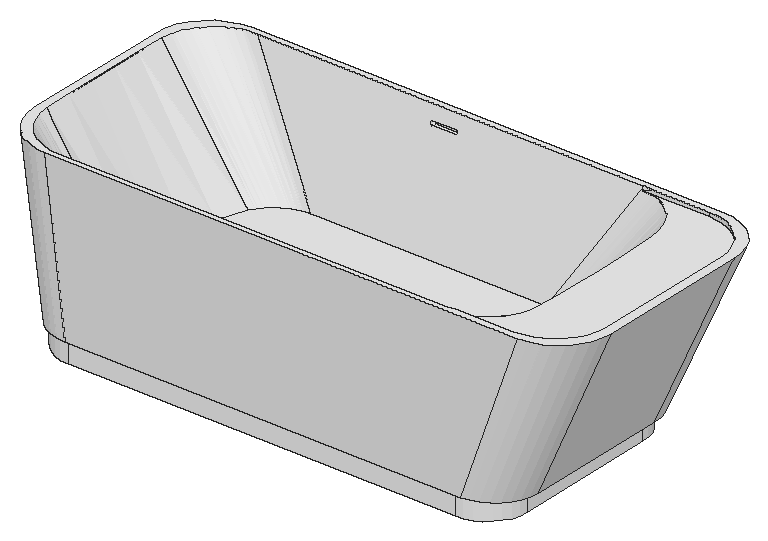
Revit family "Bathtub-Freestanding-DXV-Modulus-D12031000.415", category Plumbing Fixtures, Revit 2019
Family settings
  Round Connector Dimension = Use Radius
  Part Type = Normal
  OmniClass Number = 23.45.05.14.21
  OmniClass Title = Bathtubs
  Work Plane-Based = Yes
  Always vertical = No
  Cut with Voids When Loaded = No
  Shared = Yes
  Room Calculation Point = No
Parameters (values of type "D12031000.415 w/ 755491-201-2430A")
  Width = 72"
  Waste Connection Radius = 3/4"
  Waste Connection Diameter = Waste Connection Radius * 2  # 1 1/2"
  Waste Connection = yes
  WFU = 5
  Vent Connection = no
  URL = "www.dxv.com"
  Tub Capacity = "81 gallon (307 L.) capacity"
  Shipping Weight = "121 lbs (54.9 kg)"
  Revised Date = "03/07/2022"  # constant formula
  Product Page URL = "https://www.dxv.com/product/dxv-modulus-freestanding-tub"
  Product Documentation Link = "https://dxv01.blob.core.windows.net/dxv-product-pdf-files/spec_D12031000_DXV_Modulus_freestd_tub_EN.pdf"
  Price = "Prices may vary. Please consult manufacturer representative for most up to date price list."
  Model = "D12031000.415 w/ 755491-201-2430A"
  Material = "Acrylic-DXV-415-Canvas White"
  Manufacturer = "DXV"
  Length = 32"
  Installation Type = "Floor Mounted"
  Installation Instruction Link = "https://dxv01.blob.core.windows.net/dxv-product-pdf-files/755493-100_DXV_Modulus_bath_D12031000_EN.pdf"
  Height = 24"
  HWFU = 0
  HW Connection = no
  Finish = Acrylic-DXV-415-Canvas White
  Drain Material = "Metal-DXV-243-Matte Black"
  Drain Finish = Metal-DXV-243-Matte Black
  Description = "DXV Modulus™ Freestanding Soaking Tub"
  Default Elevation = 0"
  Creation Date = "02/12/2018"  # constant formula
  CWFU = 5
  CW Connection = no
  CSA B45.5/IAPMO Z124 = yes
  Assembly Code = "D2010510"
  755491-201.2430A Drain Cap & Plug-Matte Black (243) = yes
  755491-201-2950A Drain Cap & Plug-Brushed Nickel (295) = no
  755491-201-0080A Drain Cap & Plug-Polished Nickel (008) = no
Types (4): name | Waste Connection Radius | Waste Connection Diameter | Model | Drain Material | Drain Finish | 755491-201.2430A Drain Cap & Plug-Matte Black (243) | 755491-201-2950A Drain Cap & Plug-Brushed Nickel (295) | 755491-201-0080A Drain Cap & Plug-Polished Nickel (008)
  (no name) | 3/4" | 1 1/2" | "D12031000.415 w/ 755491-201-2430A" | "Metal-DXV-243-Matte Black" | Metal-DXV-243-Matte Black | yes | no | no
  D12031000.415 w/ 755491-201-0080A | 1 7/16" | 2 7/8" | "D12031000.415 w/ 755491-201-0080A" | "Metal-DXV-008-Polished Nickel" | Metal-DXV-008-Polished Nickel | no | no | yes
  D12031000.415 w/ 755491-201-2430A | 3/4" | 1 1/2" | "D12031000.415 w/ 755491-201-2430A" | "Metal-DXV-243-Matte Black" | Metal-DXV-243-Matte Black | yes | no | no
  D12031000.415 w/ 755491-201-2950A | 1 7/16" | 2 7/8" | "D12031000.415 w/ 755491-201-2950A" | "Metal-DXV-295-Brushed Chrome" | Metal-DXV-295-Brushed Chrome | no | yes | no
Reference planes (in)
  plane 1 "Center (Front/Back)": y = 0
  plane 2: z = 0
  plane 3 "Center (Left/Right)": x = 0
  plane 4: z = 24
  plane 5: x = -31.5
  plane 6: x = 40.5
  plane 7: y = 16
  plane 8: y = -16
  plane 9: y = 12.3349
  plane 10: y = -12.3349
  plane 11: x = 29.58893
  plane 12: x = -28.70658
  plane 13: y = 14
  plane 14: y = -14
  plane 15: z = 2.625
  plane 16: y = -53.9032
  plane 17: y = -62.42289
  plane 18: z = 8.5
Forms (in)
  Blend 1, solid, material "Acrylic-DXV-415-Canvas White" <- "Finish"
    base sketch origin (0, 0, 0) x (1, 0, 0) y (0, 1, 0)
      loop
        arc (-23.70658, 14.25) -> (-27.41889, 12.71231) -> (-28.95658, 9) r 5.25
        line (-28.95658, 9) -> (-28.95658, -9)
        arc (-28.95658, -9) -> (-27.41889, -12.71231) -> (-23.70658, -14.25) r 5.25
        line (-23.70658, -14.25) -> (24.58893, -14.25)
        arc (24.58893, -14.25) -> (28.30124, -12.71231) -> (29.83893, -9) r 5.25
        line (29.83893, -9) -> (29.83893, 9)
        arc (29.83893, 9) -> (28.30124, 12.71231) -> (24.58893, 14.25) r 5.25
        line (24.58893, 14.25) -> (-23.70658, 14.25)
    top sketch origin (0, 0, 0) x (1, 0, 0) y (0, 1, 0)
      loop
        arc (-25, 16) -> (-29.59619, 14.09619) -> (-31.5, 9.5) r 6.5
        line (-31.5, 9.5) -> (-31.5, -9.5)
        arc (-31.5, -9.5) -> (-29.59619, -14.09619) -> (-25, -16) r 6.5
        line (-25, -16) -> (34, -16)
        arc (34, -16) -> (38.59619, -14.09619) -> (40.5, -9.5) r 6.5
        line (40.5, -9.5) -> (40.5, 9.5)
        arc (40.5, 9.5) -> (38.59619, 14.09619) -> (34, 16) r 6.5
        line (34, 16) -> (-25, 16)
    from 0 to 24
  Extrusion 2, void
    sketch origin (0, 0, 0) x (1, 0, 0) y (0, 1, 0)
      loop
        arc (-23.70658, 14) -> (-27.24211, 12.53553) -> (-28.70658, 9) r 5
        line (-28.70658, 9) -> (-28.70658, -9)
        arc (-28.70658, -9) -> (-27.24211, -12.53553) -> (-23.70658, -14) r 5
        line (-23.70658, -14) -> (24.58893, -14)
        arc (24.58893, -14) -> (28.12446, -12.53553) -> (29.58893, -9) r 5
        line (29.58893, -9) -> (29.58893, 9)
        arc (29.58893, 9) -> (28.12446, 12.53553) -> (24.58893, 14) r 5
        line (24.58893, 14) -> (-23.70658, 14)
      loop
        arc (-23.70658, 16.25) -> (-28.8331, 14.12652) -> (-30.95658, 9) r 7.25
        line (-30.95658, 9) -> (-30.95658, -9)
        arc (-30.95658, -9) -> (-28.8331, -14.12652) -> (-23.70658, -16.25) r 7.25
        line (-23.70658, -16.25) -> (24.58893, -16.25)
        arc (24.58893, -16.25) -> (29.71545, -14.12652) -> (31.83893, -9) r 7.25
        line (31.83893, -9) -> (31.83893, 9)
        arc (31.83893, 9) -> (29.71545, 14.12652) -> (24.58893, 16.25) r 7.25
        line (24.58893, 16.25) -> (-23.70658, 16.25)
    from 0 to 2.625
  Blend 3, void
    base sketch origin (0, 0, 0) x (1, 0, 0) y (0, 1, 0)
      loop
        arc (-14.48523, 12.3349) -> (-17.59128, 11.4238) -> (-19.71301, 8.97923) r 5.75
        arc (-19.71301, 8.97923) -> (-21.67144, 0) -> (-19.71301, -8.97923) r 21.56371
        arc (-19.71301, -8.97923) -> (-17.59128, -11.4238) -> (-14.48523, -12.3349) r 5.75
        line (-14.48523, -12.3349) -> (14.73523, -12.3349)
        arc (14.73523, -12.3349) -> (17.84128, -11.4238) -> (19.96301, -8.97923) r 5.75
        arc (19.96301, -8.97923) -> (21.92144, 0) -> (19.96301, 8.97923) r 21.56371
        arc (19.96301, 8.97923) -> (17.84128, 11.4238) -> (14.73523, 12.3349) r 5.75
        line (14.73523, 12.3349) -> (-14.48523, 12.3349)
    top sketch origin (0, 0, 0) x (1, 0, 0) y (0, 1, 0)
      loop
        arc (-23.67308, 15.41518) -> (-28.35965, 13.52302) -> (-30.41874, 8.90735) r 6.75
        arc (-30.41874, 8.90735) -> (-30.57857, 0) -> (-30.41874, -8.90735) r 248.27959
        arc (-30.41874, -8.90735) -> (-28.35965, -13.52302) -> (-23.67308, -15.41518) r 6.75
        line (-23.67308, -15.41518) -> (24.54808, -15.41518)
        arc (24.54808, -15.41518) -> (29.23465, -13.52302) -> (31.29374, -8.90735) r 6.75
        arc (31.29374, -8.90735) -> (31.45357, 0) -> (31.29374, 8.90735) r 248.27959
        arc (31.29374, 8.90735) -> (29.23465, 13.52302) -> (24.54808, 15.41518) r 6.75
        line (24.54808, 15.41518) -> (-23.67308, 15.41518)
    from 8.5 to 24
  Extrusion 4, void
    sketch origin (0, 0, 0) x (1, 0, 0) y (0, 1, 0)
      loop
        line (24.54342, 15.3097) -> (24.54342, -15.3097) -> (32.67308, -15.3097)
        arc (32.67308, -15.3097) -> (37.35965, -13.41753) -> (39.41874, -8.80186) r 6.75
        arc (39.41874, -8.80186) -> (39.57668, 0) -> (39.41874, 8.80186) r 245.33932
        arc (39.41874, 8.80186) -> (37.35965, 13.41753) -> (32.67308, 15.3097) r 6.75
        line (32.67308, 15.3097) -> (24.54342, 15.3097)
    from 23.4692 to 24
  Extrusion 5, void
    sketch origin (0, 0, 0) x (1, 0, 0) y (0, 1, 0)
      loop
        circle (0, 0) r 1.4375
    from 0 to 8.5
  Extrusion 6, void
    sketch origin (0, 0, 0) x (1, 0, 0) y (0, 0, 1)
      loop
        arc (-1.39224, 22.28247) -> (-1.6868, 21.98791) -> (-1.39224, 21.69335) r 0.29456
        line (-1.39224, 21.69335) -> (1.39224, 21.69335)
        arc (1.39224, 21.69335) -> (1.6868, 21.98791) -> (1.39224, 22.28247) r 0.29456
        line (1.39224, 22.28247) -> (-1.39224, 22.28247)
    from -15.54985 to -14
  Revolve 7, solid, material "Metal-DXV-243-Matte Black" <- "Drain Finish"
    sketch origin (-0.00059, 0, 8.40625) x (1, 0, 0) y (0, 0, 1)
      loop
        line (0, -5.1875) -> (0, 0.10848) -> (-1.4292, 0.10848)
        arc (-1.4292, 0.10848) -> (-1.43749, 0.08777) -> (-1.42887, 0.06719) r 0.02943
        line (-1.42887, 0.06719) -> (-1.36168, 0) -> (-0.91227, 0) -> (-0.71127, -0.28707) -> (-0.71127, -0.375) -> (-0.79702, -0.375) -> (-1.04657, -0.68317) -> (-1.11992, -0.68317) -> (-1.11992, -0.92183)
        arc (-1.11992, -0.92183) -> (-1.10147, -0.96639) -> (-1.05691, -0.98484) r 0.06301
        line (-1.05691, -0.98484) -> (-0.94107, -0.98484) -> (-0.94107, -1.10914) -> (-0.85535, -1.19487) -> (-0.85535, -1.36631) -> (-0.76105, -1.36631) -> (-0.76105, -1.41254)
        arc (-0.76105, -1.41254) -> (-0.74367, -1.4545) -> (-0.70171, -1.47188) r 0.05934
        line (-0.70171, -1.47188) -> (-0.625, -1.47188) -> (-0.625, -5.1875) -> (0, -5.1875)
      axis (0, -5.1875) -> (0, 0.10848)
    angle from 0 to 360
  Revolve 8, solid, material "Metal-DXV-243-Matte Black" <- "Drain Finish"
    sketch origin (-0.02012, 0, 8.5) x (1, 0, 0) y (0, 0, 1)
      loop
        line (-1.40967, 0.01473) -> (0, 0.01473) -> (0, 0.15791)
        arc (0, 0.15791) -> (-0.70836, 0.12107) -> (-1.40967, 0.01473) r 7.20292
      axis (0, 0.01473) -> (0, 0.15791)
    angle from 0 to 360
Cuts and joins
  Extrusion 2, Blend 3, Extrusion 4, Extrusion 5, Extrusion 6 cuts Blend 1
  joined: Revolve 7, Revolve 8
Lines and regions (in)
  Masking region 1
    outline origin (0, 0, 0) x (1, 0, 0) y (0, 1, 0)
      loop
        arc (-25, 16) -> (-29.59619, 14.09619) -> (-31.5, 9.5) r 6.5
        line (-31.5, 9.5) -> (-31.5, -9.5)
        arc (-31.5, -9.5) -> (-29.59619, -14.09619) -> (-25, -16) r 6.5
        line (-25, -16) -> (34, -16)
        arc (34, -16) -> (38.59619, -14.09619) -> (40.5, -9.5) r 6.5
        line (40.5, -9.5) -> (40.5, 9.5)
        arc (40.5, 9.5) -> (38.59619, 14.09619) -> (34, 16) r 6.5
        line (34, 16) -> (-25, 16)
  symbolic lines, detail levels medium+fine
    curve 1: arc (-30.41874, 8.90735, 0) -> (-28.35965, 13.52302, 0) -> (-23.67308, 15.41518, 0) r 6.75
    curve 2: arc (-30.41874, -8.90735, 0) -> (-30.57857, 0, 0) -> (-30.41874, 8.90735, 0) r 248.27959
    curve 3: arc (-23.67308, -15.41518, 0) -> (-28.35965, -13.52302, 0) -> (-30.41874, -8.90735, 0) r 6.75
    curve 4: line (32.42807, -15.41518, 0) -> (-23.67308, -15.41518, 0)
    curve 5: line (-23.67308, 15.41518, 0) -> (32.42807, 15.41518, 0)
    curve 6: arc (39.42371, -8.66234, 0) -> (39.57668, 0, 0) -> (39.42371, 8.66234, 0) r 245.33932
    curve 7: arc (39.42371, 8.66234, 0) -> (37.28965, 13.45155, 0) -> (32.42807, 15.41518, 0) r 7
    curve 8: arc (39.42371, -8.66234, 0) -> (37.28965, -13.45155, 0) -> (32.42807, -15.41518, 0) r 7
    curve 9: circle (0, 0, 0) r 1.4375 normal (0, 0, 1)
    curve 18: arc (30.90728, 8.87736, 0) -> (29.41273, 12.83498, 0) -> (25.84476, 15.10787, 0) r 6.69879
    curve 19: arc (30.90728, -8.87736, 0) -> (31.12706, 0, 0) -> (30.90728, 8.87736, 0) r 179.39992
    curve 20: arc (25.84476, -15.10787, 0) -> (29.41273, -12.83498, 0) -> (30.90728, -8.87736, 0) r 6.69879
    curve 21: arc (25.84476, -15.10787, 0) -> (25.23442, -15.26862, 0) -> (24.62052, -15.41518, 0) r 27.21841
    curve 22: arc (25.84476, 15.10787, 0) -> (25.23442, 15.26862, 0) -> (24.62052, 15.41518, 0) r 27.21841
  symbolic lines, detail levels fine
    curve 10: arc (-14.48523, 12.3349, 0) -> (-17.59128, 11.4238, 0) -> (-19.71301, 8.97923, 0) r 5.75
    curve 11: arc (-19.71301, 8.97923, 0) -> (-21.67144, 0, 0) -> (-19.71301, -8.97923, 0) r 21.56371
    curve 12: arc (-19.71301, -8.97923, 0) -> (-17.59128, -11.4238, 0) -> (-14.48523, -12.3349, 0) r 5.75
    curve 13: arc (14.73523, -12.3349, 0) -> (17.84128, -11.4238, 0) -> (19.96301, -8.97923, 0) r 5.75
    curve 14: arc (19.96301, -8.97923, 0) -> (21.92144, 0, 0) -> (19.96301, 8.97923, 0) r 21.56371
    curve 15: arc (19.96301, 8.97923, 0) -> (17.84128, 11.4238, 0) -> (14.73523, 12.3349, 0) r 5.75
    curve 16: line (14.73523, 12.3349, 0) -> (-14.48523, 12.3349, 0)
    curve 17: line (-14.48523, -12.3349, 0) -> (14.73523, -12.3349, 0)
Dimensions and locks (in)
  "Height": plane 4 to level
  locked: plane 5 to plane 3 "Center (Left/Right)" at 31.5
  "Width": plane 5 to plane 6
  equal spacing: plane 7, plane 1 "Center (Front/Back)", plane 8
  "Length": plane 7 to plane 8
  equal spacing: plane 9, plane 1 "Center (Front/Back)", plane 10
  plane 9 to plane 10 = 24.6698"
  locked: plane 4 to plane 15 at 21.375
  plane 18 to level = 8 1/2"
  locked: cut or joined group of Blend 1, Extrusion 2, Blend 3, Extrusion 4, Extrusion 5, Extrusion 6 to cut or joined group of Blend 1, Extrusion 2, Blend 3, Extrusion 4, Extrusion 5, Extrusion 6 at 0.5308
  aligned and locked: Blend 1 to plane 4
  aligned and locked: cut or joined group of Blend 1, Extrusion 2, Blend 3, Extrusion 4, Extrusion 5, Extrusion 6 to plane 15
Automatic sketch dimensions
  Blend 1 sketch curve to plane 5 = 0"
  plane 8 to Blend 1 sketch curve = 0"
  Blend 1 sketch curve to plane 7 = 0"
  Blend 1 sketch curve to plane 6 = 0"
  plane 12 to Blend 1 sketch curve = 3.70658"
  Blend 1 sketch curve to plane 9 = 2.8349"
  plane 11 to Blend 1 sketch curve = 4.41107"  (x2)
  Blend 1 sketch curve to plane 14 = 1/4"
  Blend 1 sketch curve to plane 12 = 1/4"
  plane 12 to Blend 1 sketch curve = 5"
  Blend 1 sketch curve to plane 10 = 3.3349"
  Blend 1 sketch curve to plane 11 = 5"  (x2)
  Blend 1 sketch curve to plane 13 = 1/4"
  plane 11 to Blend 1 sketch curve = 1/4"
  Extrusion 2 sketch curve to Extrusion 2 sketch curve = 0"  (x8)
  Extrusion 2 sketch curve to plane 12 = 0"
  plane 13 to Extrusion 2 sketch curve = 0"
  Extrusion 2 sketch curve to plane 14 = 0"
  Extrusion 2 sketch curve to plane 11 = 0"
  Extrusion 2 sketch curve to plane 5 = 0.54342"
  Extrusion 2 sketch curve to plane 10 = 3.3349"  (x2)
  plane 12 to Extrusion 2 sketch curve = 5"
  Extrusion 2 sketch curve to plane 11 = 5"
  plane 10 to Blend 3 sketch curve = 0"
  Blend 3 sketch curve to plane 9 = 0"
  plane 1 "Center (Front/Back)" to Blend 3 sketch curve = 0"  (x3)
  Blend 3 sketch curve to plane 9 = 5 3/4"
  plane 12 to Blend 3 sketch curve = 14.22135"  (x2)
  Blend 3 sketch curve to plane 3 "Center (Left/Right)" = 0.10773"
  plane 3 "Center (Left/Right)" to Blend 3 sketch curve = 0.35773"
  plane 3 "Center (Left/Right)" to Blend 3 sketch curve = 14.73523"  (x2)
  Blend 3 sketch curve to Blend 3 sketch curve = 5 3/4"  (x3)
  Blend 3 sketch curve to Blend 3 sketch curve = 0"  (x5)
  Blend 3 sketch curve to plane 1 "Center (Front/Back)" = 0"
  plane 5 to Blend 3 sketch curve = 185.32602"
  Blend 3 sketch curve to plane 7 = 0.58482"
  plane 12 to Blend 3 sketch curve = 5.0335"
  Blend 3 sketch curve to plane 8 = 0.58482"
  Blend 3 sketch curve to plane 11 = 5.04085"  (x2)
  Blend 3 sketch curve to plane 10 = 3.66972"  (x2)
  Blend 3 sketch curve to plane 9 = 3.66972"
  Blend 3 sketch curve to plane 12 = 1.71216"  (x2)
  Extrusion 4 sketch curve to plane 1 "Center (Front/Back)" = 0"
  Extrusion 4 sketch curve to plane 7 = 0.6903"
  Extrusion 4 sketch curve to plane 11 = 5.04551"
  plane 11 to Extrusion 4 sketch curve = 3.08415"  (x2)
  Extrusion 4 sketch curve to plane 8 = 0.6903"
  Extrusion 4 sketch curve to plane 10 = 3.7752"
  Extrusion 4 sketch curve to plane 6 = 1.08126"
  Extrusion 4 sketch curve to Extrusion 4 sketch curve = 0"  (x2)
  plane 1 "Center (Front/Back)" to Extrusion 5 sketch curve = 0"
  Extrusion 5 sketch curve to plane 3 "Center (Left/Right)" = 0"
  Masking region 1 sketch curve to plane 5 = 0"
  Masking region 1 sketch curve to plane 7 = 0"
  Masking region 1 sketch curve to plane 9 = 2.8349"
  Masking region 1 sketch curve to plane 10 = 2.8349"  (x2)
  plane 8 to Masking region 1 sketch curve = 0"
  plane 11 to Masking region 1 sketch curve = 4.41107"
  Masking region 1 sketch curve to plane 6 = 0"
  curve 6 to plane 1 "Center (Front/Back)" = 0"
  curve 19 to plane 1 "Center (Front/Back)" = 0"
  curve 16 to plane 9 = 0"
  plane 10 to curve 17 = 0"
  plane 1 "Center (Front/Back)" to curve 11 = 0"
  plane 1 "Center (Front/Back)" to curve 9 = 0"
  curve 9 to plane 3 "Center (Left/Right)" = 0"
  plane 1 "Center (Front/Back)" to curve 14 = 0"
  plane 1 "Center (Front/Back)" to curve 2 = 0"
  curve 11 to plane 3 "Center (Left/Right)" = 0.10773"
  plane 12 to curve 17 = 14.22135"
  curve 10 to plane 9 = 5 3/4"
  curve 10 to curve 12 = 0"
  curve 1 to curve 10 = 3.96007"
  curve 4 to plane 8 = 0.58482"
  plane 12 to curve 4 = 5.0335"
  plane 5 to curve 19 = 116.77286"
  curve 6 to curve 19 = 57.48978"
  curve 9 to curve 14 = 0.35773"
  curve 15 to curve 13 = 0"
  curve 21 to plane 9 = 1.20416"
  curve 21 to curve 15 = 1 91/256"
  curve 22 to plane 10 = 1.20416"
  curve 13 to curve 22 = 3.87232"
  curve 20 to plane 11 = 5.37513"
  curve 15 to curve 18 = 4.25079"
  plane 11 to curve 7 = 2.83914"
  plane 11 to curve 4 = 2.83914"
  plane 6 to curve 2 = 177.20102"
  curve 3 to plane 10 = 3.66972"
  curve 20 to plane 10 = 3.72425"
  curve 8 to plane 10 = 3.91972"
  curve 17 to curve 12 = 5 3/4"
  curve 13 to curve 13 = 5 3/4"
  curve 7 to plane 9 = 3.91972"
  curve 18 to plane 9 = 3.72425"
  curve 1 to plane 9 = 3.66972"
  curve 5 to plane 7 = 0.58482"
  curve 11 to curve 10 = 0"
  curve 2 to curve 3 = 0"
  curve 14 to curve 15 = 0"
  curve 18 to plane 11 = 3.74417"
  curve 22 to curve 18 = 1.22424"
  curve 20 to curve 21 = 0.40672"
  curve 20 to plane 8 = 0.89213"
  curve 22 to plane 7 = 0.89213"
  plane 11 to curve 19 = 1.31835"  (x2)
  curve 6 to plane 6 = 1.07629"
  curve 8 to curve 6 = 0"
  Extrusion 6 sketch curve to plane 3 "Center (Left/Right)" = 1.39224"
  plane 3 "Center (Left/Right)" to Extrusion 6 sketch curve = 1.39224"
  Extrusion 6 sketch curve to plane 4 = 2.30665"
  Extrusion 6 sketch curve to Extrusion 6 sketch curve = 0.29456"
  plane 18 to Revolve 7 sketch curve = 0.01473"
  Revolve 7 sketch curve to plane 18 = 0.02656"
  Revolve 7 sketch curve to Revolve 7 sketch curve = 0.00033"
  Revolve 7 sketch curve to plane 18 = 0.00575"
  Revolve 7 sketch curve to plane 18 = 3/32"
  Revolve 7 sketch curve to Revolve 7 sketch curve = 0.06719"
  Revolve 7 sketch curve to Revolve 7 sketch curve = 0.24176"
  Revolve 7 sketch curve to Revolve 7 sketch curve = 0.06301"
  Revolve 7 sketch curve to Revolve 7 sketch curve = 0.07335"
  Revolve 7 sketch curve to Revolve 7 sketch curve = 0.11584"
  Revolve 7 sketch curve to Revolve 7 sketch curve = 0.44941"
  Revolve 7 sketch curve to Revolve 7 sketch curve = 0.08572"  (x2)
  Revolve 7 sketch curve to Revolve 7 sketch curve = 0.11525"
  Revolve 7 sketch curve to Revolve 7 sketch curve = 0.0943"
  Revolve 7 sketch curve to Revolve 7 sketch curve = 0.08575"
  Revolve 7 sketch curve to Revolve 7 sketch curve = 0.05934"
  Revolve 7 sketch curve to plane 3 "Center (Left/Right)" = 0.62559"
  Revolve 7 sketch curve to plane 3 "Center (Left/Right)" = 0.00059"  (x2)
  Revolve 7 sketch curve to Revolve 7 sketch curve = 0.28707"
  Revolve 7 sketch curve to Revolve 7 sketch curve = 0.08793"
  Revolve 7 sketch curve to Revolve 7 sketch curve = 0.30817"
  Revolve 7 sketch curve to Revolve 7 sketch curve = 0.23866"
  Revolve 7 sketch curve to Revolve 7 sketch curve = 0.1243"
  Revolve 7 sketch curve to Revolve 7 sketch curve = 0.17145"
  Revolve 7 sketch curve to Revolve 7 sketch curve = 0.04622"
  Revolve 7 sketch curve to plane 15 = 19/32"
  Revolve 7 sketch curve to plane 3 "Center (Left/Right)" = 0.71186"
  Revolve 7 sketch curve to Revolve 7 sketch curve = 0.18813"
  Revolve 7 sketch curve to Revolve 7 sketch curve = 0.09067"
  Revolve 8 sketch curve to plane 3 "Center (Left/Right)" = 0.02012"  (x2)
  Revolve 8 sketch curve to plane 3 "Center (Left/Right)" = 0.00059"
  plane 18 to Revolve 8 sketch curve = 0.01473"
  plane 18 to Revolve 8 sketch curve = 0.15791"
  Revolve 8 sketch curve to Revolve 8 sketch curve = 0.17613"
  plane 15 to Revolve 8 sketch curve = 1.16998"
  Revolve 8 sketch curve to Revolve 8 sketch curve = 0.10681"
  radius of Extrusion 5 sketch curve = 1 7/16"
  radius of curve 9 = 1 7/16"
Connectors (in)
  piping at (0, 0, 0), diameter 1.5, driven by "Waste Connection Radius", driven by "WFU"
    settings: on cut or joined group of Blend 1, Extrusion 2, Blend 3, Extrusion 4, Extrusion 5, Extrusion 6, index 1, connector inside diameter 24", connector length 0", flow factor 0, pipe flow 0 GPM, pressure drop 0.00 psi, fitting loss kfactor 0, connector angle 0.00°, fixture units 5, engagement length 0", angle of deflection 0.00°, flow configuration 3, flow direction 2, fitting loss method 0, system type 16, joint type 0, gender type 0, connector reference index -1, connector utility 0, adjustable connector no, is connector primary yes, connector description "1 1/2\" Sanitary Outlet"
